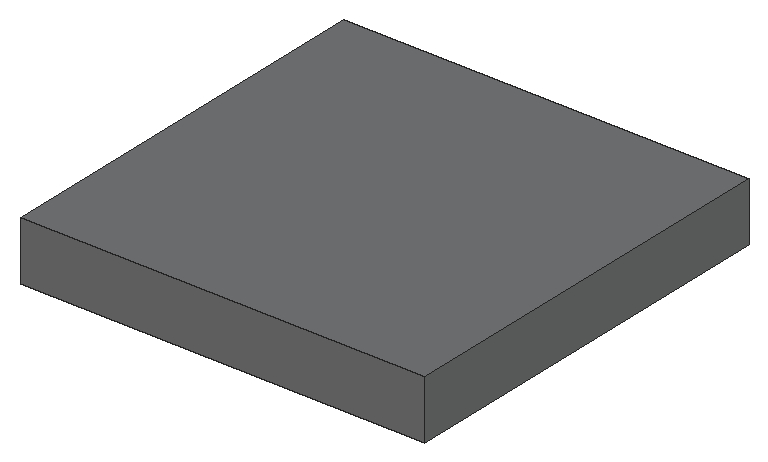
Revit family "Gira_027626", category Electrical Fixtures, host Face, Revit 2017
Family settings
  Host = Face
  Maintain Annotation Orientation = No
  Round Connector Dimension = Use Diameter
  Part Type = Normal
  Cut with Voids When Loaded = No
  Shared = No
  Room Calculation Point = No
Parameters (values of type "Cov. TAE USB System 55 c.alum.")
  URL = "http://katalog.gira.de/en/datenblatt.html?artikelnr=027626"
  Transparent = "No"
  Name = "Cov. TAE USB System 55 c.alum."
  Manufacturer URL = "https://www.gira.de/"
  Manufacturer = "Gira"
  Keynote = ""
  HeinzeBIM = "https://bimportal.heinze.de/bim/cov-tae-usb-system-55-c-alum-/66237a025a6626443667818682d5835d04163b60"
  HAN = "027626"
  GTIN = "4010337276265"
  Description = "Cov.TAE USB Sys55 CAl,Cover for USB data interface,,colour aluminium,Notes :,- Suitable for USB power supply.,- Suitable for USB data interface."
  Default Elevation = 1219.2 mm
  Data sheet (1) = "https://katalog.gira.de/en/download.html?artikelnr=027626"
  Category = "Insert/cover for communication technology"
  BIM (1) = "https://media.stage.bim.site/public/gira/36a6b08/Sys55_Abdeckung_Schalten und Tasten.rfa?public/gira/36a6b08/Sys55_Abdeckung_Schalten und Tasten.rfa"
  Available = "No"
  Anthrazit [instance] = Anthrazit
Reference planes
  plane 1 "Center (Front/Back)": y = 0
  plane 2: z = 0
  plane 3 "Center (Left/Right)": x = 0
Forms (mm)
  Extrusion 1, solid, material "Anthrazit" <- "Anthrazit", detail levels fine
    sketch origin (0, 0, 0) x (1, 0, 0) y (0, 1, 0)
      loop
        line (-27.5, 27.5) -> (-27.5, -27.5) -> (27.5, -27.5) -> (27.5, 27.5) -> (-27.5, 27.5)
    from 0 to 8
  Extrusion 2, void
    sketch origin (0, 0, 0) x (1, 0, 0) y (0, 1, 0)
      loop
        line (26, 26) -> (-26, 26) -> (-26, -26) -> (26, -26) -> (26, 26)
    from 0 to 6
  Extrusion 3, solid, material "Anthrazit" <- "Anthrazit", detail levels medium
    sketch origin (0, 0, 0) x (1, 0, 0) y (0, 1, 0)
      loop
        line (-27.5, 27.5) -> (-27.5, -27.5) -> (27.5, -27.5) -> (27.5, 27.5) -> (-27.5, 27.5)
    from 0 to 8
  Extrusion 4, solid, material "Anthrazit" <- "Anthrazit", detail levels medium
    sketch origin (0, 0, 0) x (1, 0, 0) y (0, 1, 0)
      loop
        line (11, -17.5) -> (11, 17.5) -> (-11, 17.5) -> (-11, -17.5) -> (11, -17.5)
    from -6 to 6
  Extrusion 5, solid, material "Anthrazit" <- "Anthrazit", detail levels fine
    sketch origin (0, 0, 0) x (1, 0, 0) y (0, 1, 0)
      loop
        line (11, 17.5) -> (-11, 17.5) -> (-11, 16.5) -> (11, 16.5) -> (11, 17.5)
      loop
        line (-11, -16.5) -> (-11, -17.5) -> (11, -17.5) -> (11, -16.5) -> (-11, -16.5)
    from -4 to 6
  Extrusion 6, solid, material "Anthrazit" <- "Anthrazit", detail levels fine
    sketch origin (0, 0, 0) x (1, 0, 0) y (0, 1, 0)
      loop
        arc (5, 9.347) -> (0, 10.6) -> (-5, 9.347) r 10.6
        line (-5, 9.347) -> (-5, -9.347)
        arc (-5, -9.347) -> (0, -10.6) -> (5, -9.347) r 10.6
        line (5, -9.347) -> (5, 9.347)
    from -6 to 6
  Extrusion 7, solid, material "Anthrazit" <- "Anthrazit", detail levels coarse
    sketch origin (0, 0, 0) x (1, 0, 0) y (0, 1, 0)
      loop
        line (-27.5, 27.5) -> (-27.5, -27.5) -> (27.5, -27.5) -> (27.5, 27.5) -> (-27.5, 27.5)
    from -6 to 8
Cuts and joins
  Extrusion 2 cuts Extrusion 1
Dimensions and locks
  aligned and locked: plane 2 to host face
  aligned and locked: level to host face
